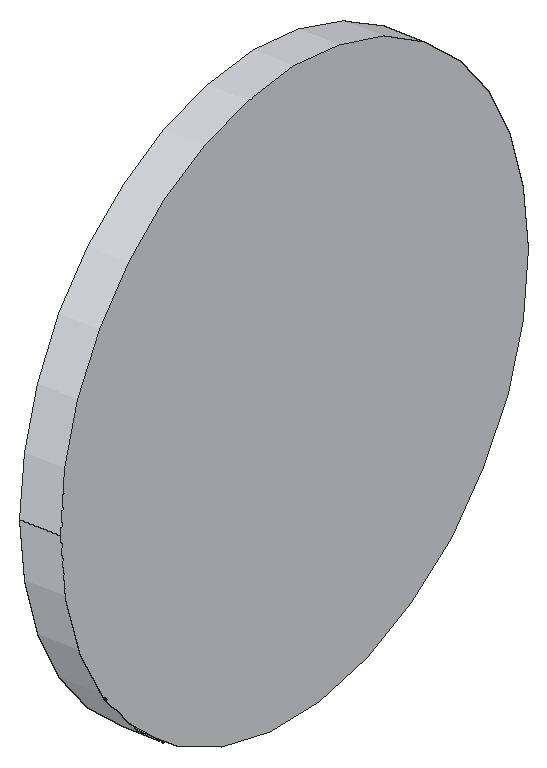
Revit family "07f0a64ed17043d1a452e5ad065d2610", category Pipe Fittings, Revit 2021
Family settings
  Round Connector Dimension = Use Radius
  Part Type = Flange
  OmniClass Number = 23.60.30.11.14
  OmniClass Title = Pipework Fittings
  Seek Item ID = Flange - Threaded - GI - Class 250-0000-USA-ENU
  Work Plane-Based = No
  Always vertical = Yes
  Cut with Voids When Loaded = No
  Shared = No
Parameters (values of type "Standard")
  Tick Size [instance] = Flange Diameter * 0.4  # 3.6000"
  Nominal Radius [instance] = 2.0000"
  Nominal Diameter [instance] = Nominal Radius * 2  # 4.0000"
  Loss Method = Not Defined
  Lookup Table Name = "Flange - Ring - Steel - Class 175"
  Flange Thickness [instance] = size_lookup(Lookup Table Name, "FThk", 0.03 * Nominal Diameter + 0.6100", Nominal Diameter)  # 0.6250"
  Flange Radius [instance] = Flange Diameter / 2  # 4.5000"
  Flange Diameter [instance] = size_lookup(Lookup Table Name, "FDia", 1.13 * Nominal Diameter + 5.0900", Nominal Diameter)  # 9.0000"
  Default Elevation = 0.0000"
Reference planes (in)
  plane 1 "Center (Front/Back)": y = 0
  plane 2: z = 0
  plane 3 "Center (Left/Right)": x = 0
  plane 4: y = 3.6
  plane 5: y = -3.6
  plane 6: x = 0.625
Forms (in)
  Extrusion 1, solid, detail levels fine
    sketch origin (0, 0, 0) x (0, 1, 0) y (0, 0, 1)
      loop
        circle (0, 0) r 4.5
    from 0 to 0.625
Lines and regions (in)
  model lines, detail levels coarse+medium
    curve 1: line (0.3125, 3.6, 0) -> (0.3125, -3.6, 0)
  model lines, style "PipeFitting", detail levels coarse+medium
    curve 2: line (0.625, 0, 0) -> (0, 0, 0)
Dimensions and locks (in)
  equal spacing: plane 4, plane 1 "Center (Front/Back)", plane 5
  "Tick Size": plane 4 to plane 1 "Center (Front/Back)"
  "Flange Thickness": plane 3 "Center (Left/Right)" to plane 6
  equal spacing: plane 3 "Center (Left/Right)", curve 1, plane 6
  "Flange Radius": radius of Extrusion 1 sketch curve
  aligned and locked: plane 4 to curve 1
  aligned and locked: plane 5 to curve 1
  aligned and locked: plane 1 "Center (Front/Back)" to curve 2
  aligned and locked: plane 6 to Extrusion 1
  aligned and locked: plane 6 to curve 2
  aligned and locked: Extrusion 1 to plane 3 "Center (Left/Right)"
  aligned and locked: plane 3 "Center (Left/Right)" to curve 2
Automatic sketch dimensions
  Extrusion 1 sketch curve to level = 0.0000"
  Extrusion 1 sketch curve to plane 1 "Center (Front/Back)" = 0.0000"
Connectors (in)
  piping at (0, 0, 0), diameter 4, driven by "Nominal Radius"
    settings: on Extrusion 1, index 1, connector inside diameter 4.0000", connector length 0.0000", flow factor 0, pipe flow 0 GPM, pressure drop 0.00 psi, fitting loss kfactor 0, connector angle 0.00°, fixture units 0, engagement length 0.0000", angle of deflection 0.00°, flow configuration 0, flow direction 0, fitting loss method 0, system type 28, joint type 0, gender type 0, connector reference index 2, connector utility 0, adjustable connector no, is connector primary yes, connector description ""
  piping at (0.625, 0, 0), diameter 4, driven by "Nominal Radius"
    settings: on Extrusion 1, index 2, connector inside diameter 4.0000", connector length 0.0000", flow factor 0, pipe flow 0 GPM, pressure drop 0.00 psi, fitting loss kfactor 0, connector angle 0.00°, fixture units 0, engagement length 0.0000", angle of deflection 0.00°, flow configuration 0, flow direction 0, fitting loss method 0, system type 28, joint type 0, gender type 0, connector reference index 1, connector utility 0, adjustable connector no, is connector primary no, connector description ""
